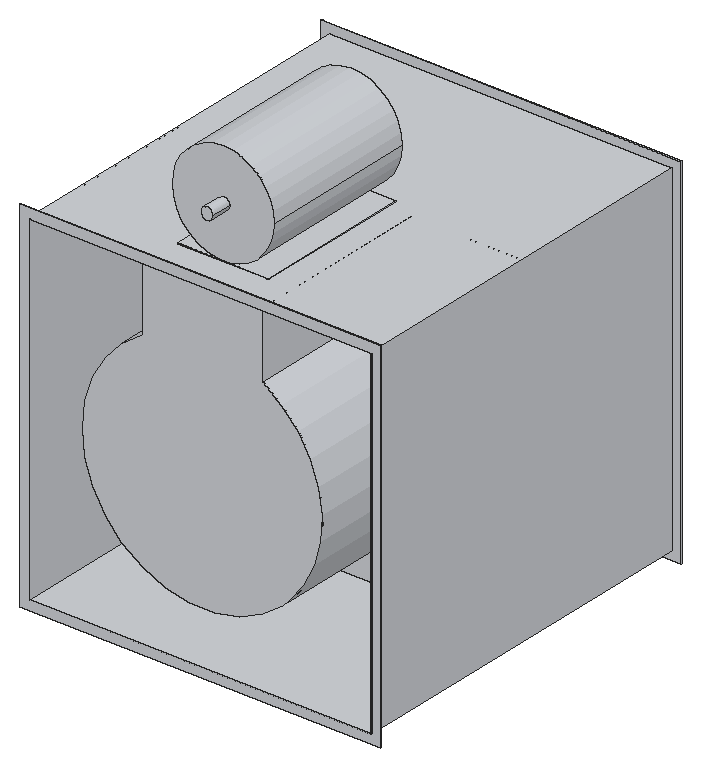
Revit family "SQI-B", category Mechanical Equipment, Revit 2019
Family settings
  Round Connector Dimension = Use Diameter
  Part Type = Normal
  Work Plane-Based = No
  Always vertical = Yes
  Cut with Voids When Loaded = No
  Shared = No
  Room Calculation Point = No
Parameters (values of type "402_SQI-B")
  Unit Weight [instance] = ""
  Sones [instance] = ""
  Motor RPM [instance] = ""
  Motor Enclosure [instance] = ""
  ModelID [instance] = ""
  MOTOR_DEPTH = -32 1/8"
  LwA [instance] = ""
  Fan RPM [instance] = ""
  E/2 = E / 2  # 8 3/4"
  E = 17 1/2"
  D/6 = D / 6  # 10 1/4"
  D/3 = D / 3  # 20 1/2"
  D/2 = D / 2  # 30 3/4"
  D = 61 1/2"
  C/2 = C / 2  # 32 1/8"
  C-.125" = C - 1/8"  # 64 1/8"
  C = 64 1/4"
  B/2 = B / 2  # 30 7/8"
  B = 61 3/4"
  Accessories [instance] = ""
  A/2 = A / 2  # 29 1/8"
  A+.25" = A + 1/4"  # 58 1/2"
  A = 58 1/4"
  3" = 3"  # constant formula
  Brake Hp [instance] = ""
  4" = 4"  # constant formula
  2' = 24"
  2" = 2"  # constant formula
  1" = 1"  # constant formula
  0 = 0"  # constant formula
  Voltage [instance] = 0 V
  URL = "www.lorencook.com"
  Type Comments = "Square Centrifugal Inline Belt Drive"  # constant formula
  Static Pressure [instance] = 0.00 in-wg
  Power [instance] = Voltage * Motor FLA * sqrt(if(Phase = 3, 3, 1))  # 0 VA
  Phase [instance] = 0
  Number of Poles [instance] = 1
  Motor Hp [instance] = "0"
  Motor FLA [instance] = 0 A
  Model = "SQI-B"  # constant formula
  Manufacturer = "Loren Cook Company"
  CFM [instance] = 0 CFM
  1.5 = 1 1/2"  # constant formula
  ONE EIGTH = 1/8"  # constant formula
  -C/2 = -C / 2  # -32 1/8"
  (A+.25")/2 = (A + 1/4") / 2  # 29 1/4"
Types (16): name | MOTOR_DEPTH | E/2 | E | D/6 | D/3 | D/2 | D | C/2 | C-.125" | C | B/2 | B | A/2 | A+.25" | A | -C/2 | (A+.25")/2
  (no name) | -32 1/8" | 8 3/4" | 17 1/2" | 10 1/4" | 20 1/2" | 30 3/4" | 61 1/2" | 32 1/8" | 64 1/8" | 64 1/4" | 30 7/8" | 61 3/4" | 29 1/8" | 58 1/2" | 58 1/4" | -32 1/8" | 29 1/4"
  90_SQI-B | -16" | 7 5/32" | 14 5/16" | 2.91667" | 5.83333" | 8 3/4" | 17 1/2" | 8 13/32" | 16 11/16" | 16 13/16" | 7 3/16" | 14 3/8" | 7 7/32" | 14 11/16" | 14 7/16" | -8 13/32" | 7 11/32"
  120_SQI-B | -18" | 7 5/32" | 14 5/16" | 3.41667" | 6.83333" | 10 1/4" | 20 1/2" | 10 3/32" | 20 1/16" | 20 3/16" | 8 7/8" | 17 3/4" | 8 11/16" | 17 5/8" | 17 3/8" | -10 3/32" | 8 13/16"
  135_SQI-B | -18" | 7 5/32" | 14 5/16" | 3.77083" | 7.54167" | 11 5/16" | 22 5/8" | 11 11/32" | 22 9/16" | 22 11/16" | 10 1/8" | 20 1/4" | 9 3/4" | 19 3/4" | 19 1/2" | -11 11/32" | 9 7/8"
  150_SQI-B | -18" | 7 5/32" | 14 5/16" | 4 1/8" | 8 1/4" | 12 3/8" | 24 3/4" | 12 5/8" | 25 1/8" | 25 1/4" | 11 13/32" | 22 13/16" | 10 13/16" | 21 7/8" | 21 5/8" | -12 5/8" | 10 15/16"
  165_SQI-B | -20" | 7 5/32" | 14 5/16" | 4.48958" | 8.97917" | 13 15/32" | 26 15/16" | 13 7/8" | 27 5/8" | 27 3/4" | 12 21/32" | 25 5/16" | 11 29/32" | 24 1/16" | 23 13/16" | -13 7/8" | 12 1/32"
  180_SQI-B | -20" | 7 5/32" | 14 5/16" | 4.85417" | 9.70833" | 14 9/16" | 29 1/8" | 15 1/8" | 30 1/8" | 30 1/4" | 13 29/32" | 27 13/16" | 13" | 26 1/4" | 26" | -15 1/8" | 13 1/8"
  195_SQI-B | -22" | 7 5/32" | 14 5/16" | 5 7/32" | 10 7/16" | 15 21/32" | 31 5/16" | 16 3/8" | 32 5/8" | 32 3/4" | 15 1/16" | 30 1/8" | 14 3/32" | 28 7/16" | 28 3/16" | -16 3/8" | 14 7/32"
  210_SQI-B | -22" | 7 5/32" | 14 5/16" | 5.58333" | 11.16667" | 16 3/4" | 33 1/2" | 17 5/8" | 35 1/8" | 35 1/4" | 16 5/16" | 32 5/8" | 15 3/16" | 30 5/8" | 30 3/8" | -17 5/8" | 15 5/16"
  225_SQI-B | -22" | 8 3/4" | 17 1/2" | 5 15/16" | 11 7/8" | 17 13/16" | 35 5/8" | 18 29/32" | 37 11/16" | 37 13/16" | 17 19/32" | 35 3/16" | 16 1/4" | 32 3/4" | 32 1/2" | -18 29/32" | 16 3/8"
  245_SQI-B | -22" | 8 3/4" | 17 1/2" | 6.41667" | 12.83333" | 19 1/4" | 38 1/2" | 20 19/32" | 41 1/16" | 41 3/16" | 19 9/32" | 38 9/16" | 17 11/16" | 35 5/8" | 35 3/8" | -20 19/32" | 17 13/16"
  270_SQI-B | -22 11/16" | 8 3/4" | 17 1/2" | 7.02083" | 14.04167" | 21 1/16" | 42 1/8" | 22 11/16" | 45 1/4" | 45 3/8" | 21 3/8" | 42 3/4" | 19 1/2" | 39 1/4" | 39" | -22 11/16" | 19 5/8"
  300_SQI-B | -25 7/32" | 8 3/4" | 17 1/2" | 7 3/4" | 15 1/2" | 23 1/4" | 46 1/2" | 25 7/32" | 50 5/16" | 50 7/16" | 23 29/32" | 47 13/16" | 21 23/32" | 43 11/16" | 43 7/16" | -25 7/32" | 21 27/32"
  330_SQI-B | -27 23/32" | 8 3/4" | 17 1/2" | 8.45833" | 16.91667" | 25 3/8" | 50 3/4" | 27 23/32" | 55 5/16" | 55 7/16" | 26 13/32" | 52 13/16" | 23 13/16" | 47 7/8" | 47 5/8" | -27 23/32" | 23 15/16"
  365_SQI-B | -30 11/16" | 8 3/4" | 17 1/2" | 9 5/16" | 18 5/8" | 27 15/16" | 55 7/8" | 30 11/16" | 61 1/4" | 61 3/8" | 29 15/32" | 58 15/16" | 26 3/8" | 53" | 52 3/4" | -30 11/16" | 26 1/2"
  402_SQI-B | -32 1/8" | 8 3/4" | 17 1/2" | 10 1/4" | 20 1/2" | 30 3/4" | 61 1/2" | 32 1/8" | 64 1/8" | 64 1/4" | 30 7/8" | 61 3/4" | 29 1/8" | 58 1/2" | 58 1/4" | -32 1/8" | 29 1/4"
Reference planes (in)
  plane 1 "Center (Front/Back)": y = 0
  plane 2: z = 0
  plane 3 "Center (Left/Right)": x = 0.40541
Forms (in)
  Extrusion 1, solid
    sketch origin (0, 0, 0) x (1, 0, 0) y (0, 0, 1)
      loop
        line (-30.34459, 30.75) -> (-30.34459, -30.75) -> (31.15541, -30.75) -> (31.15541, 30.75) -> (-30.34459, 30.75)
    from 0 to 64.25 <- "C"
  Extrusion 2, void
    sketch origin (0, 0, 0) x (1, 0, 0) y (0, 0, 1)
      loop
        line (-30.34459, 30.75) -> (-30.34459, -30.75) -> (31.15541, -30.75) -> (31.15541, 30.75) -> (-30.34459, 30.75)
      loop
        line (29.65541, -29.25) -> (29.65541, 29.25) -> (-28.84459, 29.25) -> (-28.84459, -29.25) -> (29.65541, -29.25)
    from 0.125 to 64.125 <- "C-.125""
  Extrusion 3, void
    sketch origin (0, -64.25, 0) x (-1, 0, 0) y (0, 0, 1)
      loop
        line (28.71959, 29.125) -> (-29.53041, 29.125) -> (-29.53041, -29.125) -> (28.71959, -29.125) -> (28.71959, 29.125)
    from 0 to 32.125 <- "C/2"
  Revolve 4, void
    sketch origin (0.40541, 0, 0) x (0, 1, 0) y (0, 0, 1)
      loop
        arc (-10.25, -10.25) -> (-3.00216, -13.25216) -> (0, -20.5) r 10.25
        line (0, -20.5) -> (0, 0) -> (-10.25, 0) -> (-10.25, -10.25)
      axis (-10.25, 0) -> (0, 0)
    angle from 0 to 360
  Extrusion 5, solid
    sketch origin (0, -64.25, 0) x (1, 0, 0) y (0, 0, 1)
      loop
        circle (0.40541, 39.5) r 8.75
    from -5 to -32.125 <- "MOTOR_DEPTH"
  Extrusion 6, solid
    sketch origin (0, -59.25, 0) x (1, 0, 0) y (0, 0, 1)
      loop
        circle (0.40541, 39.5) r 1
    from 3.5 to 0
  Extrusion 7, solid
    sketch origin (0, -64.25, 0) x (1, 0, 0) y (0, 0, 1)
      loop
        line (-7.34459, 30.625) -> (8.15541, 30.625) -> (8.15541, 30.75) -> (-7.34459, 30.75) -> (-7.34459, 30.625)
    from -5 to -32.125 <- "MOTOR_DEPTH"
  Extrusion 8, solid
    sketch origin (0, -64.25, 0) x (1, 0, 0) y (0, 0, 1)
      loop
        arc (-9.84459, 17.75352) -> (0.40541, -20.5) -> (10.65541, 17.75352) r 20.5
        line (10.65541, 17.75352) -> (10.65541, 29.125) -> (-9.84459, 29.125) -> (-9.84459, 17.75352)
    from -0.5 to -32.125 <- "-C/2"
Cuts and joins
  Extrusion 2, Extrusion 3, Revolve 4 cuts Extrusion 1
Dimensions and locks (in)
  "D/2": Extrusion 1 sketch curve to plane 3 "Center (Left/Right)"
  "D/2": plane 3 "Center (Left/Right)" to Extrusion 1 sketch curve
  "D/2": Extrusion 1 sketch curve to level
  "D/2": level to Extrusion 1 sketch curve
  "D/2": plane 3 "Center (Left/Right)" to Extrusion 2 sketch curve
  "D/2": Extrusion 2 sketch curve to plane 3 "Center (Left/Right)"
  "(A+.25")/2": plane 3 "Center (Left/Right)" to Extrusion 2 sketch curve  (x2)
  "D/2": Extrusion 2 sketch curve to level
  "D/2": level to Extrusion 2 sketch curve
  "(A+.25")/2": level to Extrusion 2 sketch curve
  "(A+.25")/2": Extrusion 2 sketch curve to level
  "A/2": plane 3 "Center (Left/Right)" to Extrusion 3 sketch curve
  "A/2": Extrusion 3 sketch curve to plane 3 "Center (Left/Right)"
  "A/2": Extrusion 3 sketch curve to level
  "A/2": level to Extrusion 3 sketch curve
  "0": Revolve 4 sketch curve to level  (x2)
  "0": Revolve 4 sketch curve to cut or joined group of Extrusion 1, Extrusion 2, Extrusion 3, Revolve 4
  "D/6": Revolve 4 sketch curve to cut or joined group of Extrusion 1, Extrusion 2, Extrusion 3, Revolve 4
  "D/6": level to Revolve 4 sketch curve
  "E": Extrusion 5 sketch curve to cut or joined group of Extrusion 1, Extrusion 2, Extrusion 3, Revolve 4
  "0": Extrusion 5 sketch curve to plane 3 "Center (Left/Right)"
  "0": Extrusion 5 sketch curve to cut or joined group of Extrusion 1, Extrusion 2, Extrusion 3, Revolve 4
  "0": plane 3 "Center (Left/Right)" to Extrusion 6 sketch curve
  "E/2": Extrusion 6 sketch curve to cut or joined group of Extrusion 1, Extrusion 2, Extrusion 3, Revolve 4
  "0": cut or joined group of Extrusion 1, Extrusion 2, Extrusion 3, Revolve 4 to Extrusion 7 sketch curve
  "ONE EIGTH": Extrusion 7 sketch curve to Extrusion 7 sketch curve
  "1"": Extrusion 5 to Extrusion 7 sketch curve  (x2)
  "D/6": Extrusion 8 sketch curve to plane 3 "Center (Left/Right)"
  "D/6": plane 3 "Center (Left/Right)" to Extrusion 8 sketch curve
  "0": Extrusion 8 sketch curve to cut or joined group of Extrusion 1, Extrusion 2, Extrusion 3, Revolve 4
  "0": Extrusion 8 sketch curve to level
  "0": Extrusion 8 sketch curve to plane 3 "Center (Left/Right)"
  "D/6": radius of Revolve 4 sketch curve
  "1"": radius of Extrusion 6 sketch curve
  "D/3": radius of Extrusion 8 sketch curve
Automatic sketch dimensions
  Revolve 4 sketch curve to plane 1 "Center (Front/Back)" = 18.77956"
  Revolve 4 sketch curve to Revolve 4 sketch curve = 12"
  Revolve 4 sketch curve to Revolve 4 sketch curve = 0"
  Extrusion 8 sketch curve to Extrusion 8 sketch curve = 0"
Connectors (in)
  electrical at (0.40541, -32.125, 39.5)
    settings: on Extrusion 5, index 1, voltage 0 V, apparent load 0 VA, apparent load phase1 0 VA, apparent load phase2 0 VA, apparent load phase3 0 VA, power factor 1, load classification "Other", number of poles 1, system type 30, power factor state 1, is connector primary yes, connector utility no, sub classification motor no, connector description ""
  hvac at (0.40541, -64.125, 0), driven by "CFM", driven by "A", driven by "A"
    settings: on cut or joined group of Extrusion 1, Extrusion 2, Extrusion 3, Revolve 4, index 2, duct flow 0 CFM, flow factor 0, pres drop 0.00 in-wg, loss coef 0, conn angle 0.00°, conn width 58 1/4", conn height 58 1/4", conn diameter 24", duct sys type 29, conn prof type 1, flow config 0, flow direction 2, loss method 0, conn ref index -1, conn util no, is conn primary yes, conn desc ""
  hvac at (0.40541, 0, 0), driven by "CFM", driven by "A", driven by "A"
    settings: on cut or joined group of Extrusion 1, Extrusion 2, Extrusion 3, Revolve 4, index 3, duct flow 0 CFM, flow factor 0, pres drop 0.00 in-wg, loss coef 0, conn angle 0.00°, conn width 58 1/4", conn height 58 1/4", conn diameter 24", duct sys type 29, conn prof type 1, flow config 0, flow direction 1, loss method 0, conn ref index -1, conn util no, is conn primary no, conn desc ""
